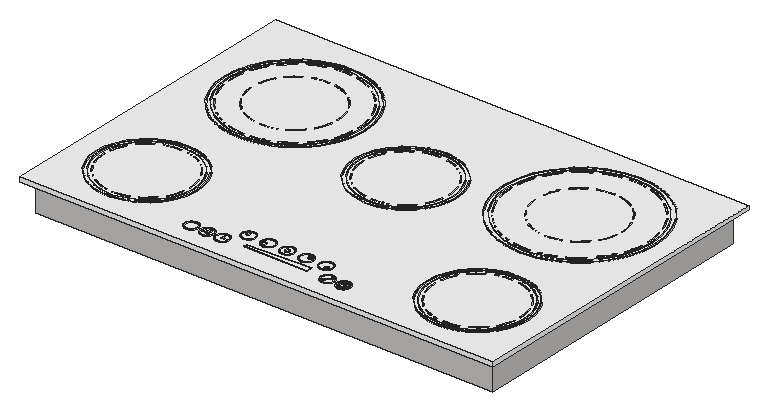
Revit family "QF_Summit_CR5B30T8W_5-Burner Radiant Cooktop", category Specialty Equipment, Revit 2020 (continued)
Lines and regions (in)
  symbolic lines
    curve 438: line (10.94325, -19.18786, 0) -> (10.94325, -18.81415, 0)
    curve 439: line (10.94325, -18.81415, 0) -> (10.81465, -18.81415, 0)
    curve 440: arc (12.19537, -19.01629, 0) -> (11.76668, -18.5876, 0) -> (11.33799, -19.01629, 0) r 0.42869
    curve 441: arc (11.33799, -19.01629, 0) -> (11.76668, -19.44498, 0) -> (12.19537, -19.01629, 0) r 0.42869
    curve 442: arc (11.36924, -19.01629, 0) -> (11.76668, -18.61885, 0) -> (12.16412, -19.01629, 0) r 0.39744
    curve 443: arc (12.16412, -19.01629, 0) -> (11.76668, -19.41373, 0) -> (11.36924, -19.01629, 0) r 0.39744
    curve 444: line (11.74911, -18.68294, 0) -> (11.71539, -19.06837, 0)
    curve 445: line (11.71539, -19.06837, 0) -> (12.09407, -19.0016, 0)
    curve 446: line (12.09407, -19.0016, 0) -> (11.78491, -18.97455, 0)
    curve 447: line (11.78491, -18.97455, 0) -> (11.74911, -18.68294, 0)
    curve 448: arc (13.03861, -18.0167, 0) -> (12.64117, -18.41414, 0) -> (12.24373, -18.0167, 0) r 0.39744
    curve 449: arc (12.24373, -18.0167, 0) -> (12.64117, -17.61926, 0) -> (13.03861, -18.0167, 0) r 0.39744
    curve 450: arc (12.21248, -18.0167, 0) -> (12.64117, -18.44539, 0) -> (13.06986, -18.0167, 0) r 0.42869
    curve 451: arc (13.06986, -18.0167, 0) -> (12.64117, -17.58801, 0) -> (12.21248, -18.0167, 0) r 0.42869
    curve 452: arc (12.34478, -17.85461, 0) -> (12.48012, -17.98995, 0) -> (12.61546, -17.85461, 0) r 0.13534
    curve 453: arc (12.61546, -17.85461, 0) -> (12.48012, -17.71928, 0) -> (12.34478, -17.85461, 0) r 0.13534
    curve 454: arc (14.30295, -18.0167, 0) -> (13.90551, -18.41414, 0) -> (13.50807, -18.0167, 0) r 0.39744
    curve 455: arc (13.50807, -18.0167, 0) -> (13.90551, -17.61926, 0) -> (14.30295, -18.0167, 0) r 0.39744
    curve 456: arc (13.47682, -18.0167, 0) -> (13.90551, -18.44539, 0) -> (14.3342, -18.0167, 0) r 0.42869
    curve 457: arc (14.3342, -18.0167, 0) -> (13.90551, -17.58801, 0) -> (13.47682, -18.0167, 0) r 0.42869
    curve 458: arc (13.87979, -18.17878, 0) -> (13.74445, -18.04344, 0) -> (13.60911, -18.17878, 0) r 0.13534
    curve 459: arc (13.60911, -18.17878, 0) -> (13.74445, -18.31411, 0) -> (13.87979, -18.17878, 0) r 0.13534
    curve 460: arc (15.55369, -18.0167, 0) -> (15.125, -17.58801, 0) -> (14.69631, -18.0167, 0) r 0.42869
    curve 461: arc (14.69631, -18.0167, 0) -> (15.125, -18.44539, 0) -> (15.55369, -18.0167, 0) r 0.42869
    curve 462: arc (14.72756, -18.0167, 0) -> (15.125, -17.61926, 0) -> (15.52244, -18.0167, 0) r 0.39744
    curve 463: arc (15.52244, -18.0167, 0) -> (15.125, -18.41414, 0) -> (14.72756, -18.0167, 0) r 0.39744
    curve 464: arc (15.26034, -18.0167, 0) -> (15.125, -17.88136, 0) -> (14.98966, -18.0167, 0) r 0.13534
    curve 465: arc (14.98966, -18.0167, 0) -> (15.125, -18.15203, 0) -> (15.26034, -18.0167, 0) r 0.13534
    curve 466: arc (16.77318, -18.0167, 0) -> (16.34449, -17.58801, 0) -> (15.9158, -18.0167, 0) r 0.42869
    curve 467: arc (15.9158, -18.0167, 0) -> (16.34449, -18.44539, 0) -> (16.77318, -18.0167, 0) r 0.42869
    curve 468: arc (15.94705, -18.0167, 0) -> (16.34449, -17.61926, 0) -> (16.74193, -18.0167, 0) r 0.39744
    curve 469: arc (16.74193, -18.0167, 0) -> (16.34449, -18.41414, 0) -> (15.94705, -18.0167, 0) r 0.39744
    curve 470: arc (16.37021, -17.85461, 0) -> (16.50555, -17.98995, 0) -> (16.64089, -17.85461, 0) r 0.13534
    curve 471: arc (16.64089, -17.85461, 0) -> (16.50555, -17.71928, 0) -> (16.37021, -17.85461, 0) r 0.13534
    curve 472: arc (18.03752, -18.0167, 0) -> (17.60883, -17.58801, 0) -> (17.18014, -18.0167, 0) r 0.42869
    curve 473: arc (17.18014, -18.0167, 0) -> (17.60883, -18.44539, 0) -> (18.03752, -18.0167, 0) r 0.42869
    curve 474: arc (17.21139, -18.0167, 0) -> (17.60883, -17.61926, 0) -> (18.00627, -18.0167, 0) r 0.39744
    curve 475: arc (18.00627, -18.0167, 0) -> (17.60883, -18.41414, 0) -> (17.21139, -18.0167, 0) r 0.39744
    curve 476: arc (17.63454, -18.17878, 0) -> (17.76988, -18.31411, 0) -> (17.90522, -18.17878, 0) r 0.13534
    curve 477: arc (17.90522, -18.17878, 0) -> (17.76988, -18.04344, 0) -> (17.63454, -18.17878, 0) r 0.13534
    curve 478: line (17.16869, -18.61535, 0) -> (13.138, -18.81753, 0)
    curve 479: line (13.138, -18.81753, 0) -> (13.138, -19.03275, 0)
    curve 480: line (13.138, -19.03275, 0) -> (17.16869, -19.03275, 0)
    curve 481: line (17.16869, -19.03275, 0) -> (17.16869, -18.61535, 0)
    curve 482: arc (18.07889, -19.01629, 0) -> (18.50758, -19.44498, 0) -> (18.93627, -19.01629, 0) r 0.42869
    curve 483: arc (18.93627, -19.01629, 0) -> (18.50758, -18.5876, 0) -> (18.07889, -19.01629, 0) r 0.42869
    curve 484: arc (18.90502, -19.01629, 0) -> (18.50758, -19.41373, 0) -> (18.11014, -19.01629, 0) r 0.39744
    curve 485: arc (18.11014, -19.01629, 0) -> (18.50758, -18.61885, 0) -> (18.90502, -19.01629, 0) r 0.39744
    curve 486: line (18.62904, -18.84959, 0) -> (18.26722, -19.21141, 0)
    curve 487: line (18.26722, -19.21141, 0) -> (18.31125, -19.25544, 0)
    curve 488: line (18.31125, -19.25544, 0) -> (18.67307, -18.89362, 0)
    curve 489: arc (18.67307, -18.89362, 0) -> (18.74811, -18.77455, 0) -> (18.62904, -18.84959, 0) r 0.07216
    curve 490: arc (19.95944, -19.01629, 0) -> (19.53075, -18.5876, 0) -> (19.10206, -19.01629, 0) r 0.42869
    curve 491: arc (19.10206, -19.01629, 0) -> (19.53075, -19.44498, 0) -> (19.95944, -19.01629, 0) r 0.42869
    curve 492: arc (19.16456, -19.01629, 0) -> (19.53075, -18.6501, 0) -> (19.89694, -19.01629, 0) r 0.36619
    curve 493: arc (19.89694, -19.01629, 0) -> (19.53075, -19.38248, 0) -> (19.16456, -19.01629, 0) r 0.36619
    curve 494: arc (19.4851, -18.7705, 0) -> (19.53075, -19.26629, 0) -> (19.5764, -18.7705, 0) r 0.25
    curve 495: line (19.5764, -18.7705, 0) -> (19.5764, -18.68315, 0)
    curve 496: line (19.5764, -18.68315, 0) -> (19.4851, -18.68315, 0)
    curve 497: line (19.4851, -18.68315, 0) -> (19.4851, -18.7705, 0)
    curve 498: arc (19.5764, -18.83444, 0) -> (19.53075, -19.20379, 0) -> (19.4851, -18.83444, 0) r 0.1875
    curve 499: line (19.4851, -18.83444, 0) -> (19.4851, -18.96067, 0)
    curve 500: line (19.4851, -18.96067, 0) -> (19.5764, -18.96067, 0)
    curve 501: line (19.5764, -18.96067, 0) -> (19.5764, -18.83444, 0)
Dimensions and locks (in)
  equal spacing: plane 3 "LEFT", plane 7 "Center Y", plane 4 "RIGHT"
  "Length": plane 3 "LEFT" to plane 4 "RIGHT"
  equal spacing: plane 5 "FRONT", plane 8 "Center X", plane 1 "BACK"
  "Depth": plane 5 "FRONT" to plane 1 "BACK"
  "Height": plane 6 "TOP" to level
  plane 10 to plane 9 = 19 1/4"
  plane 11 to plane 12 = 29 1/4"  (x2)
  plane 6 "TOP" to plane 13 = 1/4"
  plane 13 to plane 2 = 1.88"
  plane 11 to plane 3 "LEFT" = 1/2"
  plane 4 "RIGHT" to plane 12 = 1/2"
  plane 4 "RIGHT" to plane 3 "LEFT" = 30 1/4"
  locked: plane 2 to plane 14 at 1
  aligned and locked: level to plane 2
Automatic sketch dimensions
  Extrusion 3 sketch curve to Extrusion 5 = 0"  (x3)
  Extrusion 5 to Extrusion 3 sketch curve = 0"
  Extrusion 4 sketch curve to plane 10 = 0.36025"
  Extrusion 4 sketch curve to plane 12 = 14 5/8"
  Extrusion 5 sketch curve to plane 10 = 0"
  Extrusion 5 sketch curve to plane 12 = 0"
  Extrusion 5 sketch curve to plane 11 = 0"
  plane 9 to Extrusion 5 sketch curve = 0"
  Extrusion 5 sketch curve to plane 12 = 1/16"
  Extrusion 5 sketch curve to plane 11 = 1/16"
  Extrusion 5 sketch curve to plane 10 = 1/16"
  Extrusion 5 sketch curve to plane 9 = 1/16"
  Extrusion 1 sketch curve to Extrusion 1 sketch curve = 0"  (x436)
  plane 1 "BACK" to Extrusion 1 sketch curve = 0"
  Extrusion 1 sketch curve to plane 4 "RIGHT" = 0"
  Extrusion 1 sketch curve to plane 7 "Center Y" = 0"  (x2)
  Extrusion 1 sketch curve to plane 3 "LEFT" = 0"
  plane 5 "FRONT" to Extrusion 1 sketch curve = 0"
  Extrusion 1 sketch curve to plane 12 = 1.07555"
  Extrusion 1 sketch curve to Extrusion 1 sketch curve = 0.02973"
  Extrusion 1 sketch curve to Extrusion 1 sketch curve = 1/32"  (x12)
  Extrusion 1 sketch curve to Extrusion 1 sketch curve = 0.03104"
  Extrusion 1 sketch curve to Extrusion 1 sketch curve = 0.08627"
  Extrusion 1 sketch curve to Extrusion 1 sketch curve = 0.03042"
  Extrusion 1 sketch curve to plane 12 = 1.25123"
  Extrusion 1 sketch curve to Extrusion 1 sketch curve = 0.0089"  (x3)
  Extrusion 1 sketch curve to Extrusion 1 sketch curve = 0.0308"  (x6)
  Extrusion 1 sketch curve to Extrusion 1 sketch curve = 0.10949"
  Extrusion 1 sketch curve to Extrusion 1 sketch curve = 0.21075"
  Extrusion 1 sketch curve to Extrusion 1 sketch curve = 0.02942"  (x3)
  Extrusion 1 sketch curve to Extrusion 1 sketch curve = 0.02932"
  Extrusion 1 sketch curve to Extrusion 1 sketch curve = 0.1292"  (x3)
  Extrusion 1 sketch curve to Extrusion 1 sketch curve = 0.02944"  (x3)
  Extrusion 1 sketch curve to Extrusion 1 sketch curve = 0.15379"
  Extrusion 1 sketch curve to Extrusion 1 sketch curve = 0.02803"
  Extrusion 1 sketch curve to Extrusion 1 sketch curve = 0.16542"  (x3)
  Extrusion 1 sketch curve to Extrusion 1 sketch curve = 0.30898"  (x3)
  Extrusion 1 sketch curve to Extrusion 1 sketch curve = 0.02725"  (x3)
  Extrusion 1 sketch curve to Extrusion 1 sketch curve = 0.02697"  (x2)
  Extrusion 1 sketch curve to Extrusion 1 sketch curve = 0.45394"
  Extrusion 1 sketch curve to Extrusion 1 sketch curve = 0.026"
  Extrusion 1 sketch curve to Extrusion 1 sketch curve = 0.24103"  (x3)
  Extrusion 1 sketch curve to Extrusion 1 sketch curve = 0.02218"  (x5)
  Extrusion 1 sketch curve to Extrusion 1 sketch curve = 0.24757"
  Extrusion 1 sketch curve to Extrusion 1 sketch curve = 0.02406"
  plane 8 "Center X" to Extrusion 1 sketch curve = 1.36218"
  Extrusion 1 sketch curve to Extrusion 1 sketch curve = 0.56594"
  plane 8 "Center X" to Extrusion 1 sketch curve = 1.38435"
  Extrusion 1 sketch curve to Extrusion 1 sketch curve = 0.02217"
  Extrusion 1 sketch curve to Extrusion 1 sketch curve = 0.6225"  (x3)
  Extrusion 1 sketch curve to Extrusion 1 sketch curve = 0.0222"  (x9)
  plane 8 "Center X" to Extrusion 1 sketch curve = 1.02088"
  Extrusion 1 sketch curve to Extrusion 1 sketch curve = 0.32279"
  plane 8 "Center X" to Extrusion 1 sketch curve = 1 11/256"
  Extrusion 1 sketch curve to Extrusion 1 sketch curve = 0.0221"  (x2)
  Extrusion 1 sketch curve to Extrusion 1 sketch curve = 0.34188"  (x3)
  Extrusion 1 sketch curve to plane 9 = 1.44281"  (x2)
  Extrusion 1 sketch curve to Extrusion 1 sketch curve = 0.71347"
  Extrusion 1 sketch curve to Extrusion 1 sketch curve = 0.01584"  (x3)
  Extrusion 1 sketch curve to plane 9 = 1.46984"  (x2)
  Extrusion 1 sketch curve to Extrusion 1 sketch curve = 0.01567"
  Extrusion 1 sketch curve to Extrusion 1 sketch curve = 1.62676"
  Extrusion 1 sketch curve to Extrusion 1 sketch curve = 0.00558"  (x3)
  Extrusion 1 sketch curve to Extrusion 1 sketch curve = 0.03083"  (x3)
  Extrusion 1 sketch curve to plane 10 = 1.83822"
  Extrusion 1 sketch curve to Extrusion 1 sketch curve = 0.78474"
  Extrusion 1 sketch curve to Extrusion 1 sketch curve = 0.14583"  (x2)
  Extrusion 1 sketch curve to plane 10 = 1.8606"
  Extrusion 1 sketch curve to Extrusion 1 sketch curve = 0.02238"
  Extrusion 1 sketch curve to Extrusion 1 sketch curve = 0.02924"
  Extrusion 1 sketch curve to plane 9 = 1.24163"  (x2)
  Extrusion 1 sketch curve to Extrusion 1 sketch curve = 0.41133"  (x3)
  Extrusion 1 sketch curve to plane 9 = 1.27092"  (x2)
  Extrusion 1 sketch curve to Extrusion 1 sketch curve = 0.01087"  (x3)
  Extrusion 1 sketch curve to Extrusion 1 sketch curve = 0.144"  (x2)
  plane 8 "Center X" to Extrusion 1 sketch curve = 2.82916"  (x2)
  Extrusion 1 sketch curve to Extrusion 1 sketch curve = 0.30773"  (x2)
  Extrusion 1 sketch curve to Extrusion 1 sketch curve = 0.02727"  (x2)
  plane 8 "Center X" to Extrusion 1 sketch curve = 2.84492"  (x2)
  Extrusion 1 sketch curve to Extrusion 1 sketch curve = 0.02698"  (x4)
  Extrusion 1 sketch curve to Extrusion 1 sketch curve = 0.31987"
  Extrusion 1 sketch curve to Extrusion 1 sketch curve = 0.0159"
  plane 8 "Center X" to Extrusion 1 sketch curve = 0.39339"
  Extrusion 1 sketch curve to Extrusion 1 sketch curve = 0.81968"
  plane 8 "Center X" to Extrusion 1 sketch curve = 0.42049"
  Extrusion 1 sketch curve to Extrusion 1 sketch curve = 0.2392"  (x2)
  Extrusion 1 sketch curve to Extrusion 1 sketch curve = 0.89021"  (x2)
  Extrusion 1 sketch curve to Extrusion 1 sketch curve = 0.00564"  (x3)
  plane 8 "Center X" to Extrusion 1 sketch curve = 0.18426"
  Extrusion 1 sketch curve to Extrusion 1 sketch curve = 0.39751"
  plane 8 "Center X" to Extrusion 1 sketch curve = 0.21284"
  Extrusion 1 sketch curve to Extrusion 1 sketch curve = 0.01263"
  Extrusion 1 sketch curve to Extrusion 1 sketch curve = 0.6468"  (x2)
  Extrusion 1 sketch curve to Extrusion 1 sketch curve = 0.01961"  (x2)
  Extrusion 1 sketch curve to Extrusion 1 sketch curve = 0.46522"  (x2)
  Extrusion 1 sketch curve to Extrusion 1 sketch curve = 0.94381"  (x2)
  Extrusion 1 sketch curve to Extrusion 1 sketch curve = 2.36908"
  Extrusion 1 sketch curve to Extrusion 1 sketch curve = 0.31105"  (x2)
  Extrusion 1 sketch curve to Extrusion 1 sketch curve = 0.01585"  (x2)
  plane 8 "Center X" to Extrusion 1 sketch curve = 1.82823"  (x2)
  Extrusion 1 sketch curve to Extrusion 1 sketch curve = 0.7223"
  plane 8 "Center X" to Extrusion 1 sketch curve = 1.85537"  (x2)
  Extrusion 1 sketch curve to Extrusion 1 sketch curve = 0.0155"
  Extrusion 1 sketch curve to plane 10 = 1.17956"
  Extrusion 1 sketch curve to Extrusion 1 sketch curve = 0.98413"
  Extrusion 1 sketch curve to plane 10 = 1.20955"
  Extrusion 1 sketch curve to Extrusion 1 sketch curve = 0.00881"
  Extrusion 1 sketch curve to plane 9 = 1.13174"  (x2)
  Extrusion 1 sketch curve to Extrusion 1 sketch curve = 0.42951"  (x2)
  Extrusion 1 sketch curve to plane 9 = 1.10086"  (x2)
  Extrusion 1 sketch curve to Extrusion 1 sketch curve = 0.00477"  (x3)
  plane 8 "Center X" to Extrusion 1 sketch curve = 1.63167"  (x2)
  Extrusion 1 sketch curve to Extrusion 1 sketch curve = 0.40878"  (x2)
  plane 8 "Center X" to Extrusion 1 sketch curve = 1.66104"  (x2)
  Extrusion 1 sketch curve to Extrusion 1 sketch curve = 0.01068"  (x2)
  Extrusion 1 sketch curve to plane 10 = 1.07171"
  Extrusion 1 sketch curve to Extrusion 1 sketch curve = 0.44632"
  Extrusion 1 sketch curve to plane 10 = 1.10246"
  Extrusion 1 sketch curve to plane 8 "Center X" = 0.12469"
  Extrusion 1 sketch curve to Extrusion 1 sketch curve = 1.00236"
  Extrusion 1 sketch curve to plane 8 "Center X" = 0.09392"
  Extrusion 1 sketch curve to plane 8 "Center X" = 3.20475"
  Extrusion 1 sketch curve to Extrusion 1 sketch curve = 0.97809"  (x2)
  Extrusion 1 sketch curve to plane 8 "Center X" = 3.17542"
  Extrusion 1 sketch curve to Extrusion 1 sketch curve = 0.01079"  (x3)
  Extrusion 1 sketch curve to Extrusion 1 sketch curve = 0.92879"
  Extrusion 1 sketch curve to Extrusion 1 sketch curve = 0.00512"
  Extrusion 1 sketch curve to plane 8 "Center X" = 0.18034"
  Extrusion 1 sketch curve to Extrusion 1 sketch curve = 0.44241"
  Extrusion 1 sketch curve to plane 8 "Center X" = 3.41119"
  Extrusion 1 sketch curve to Extrusion 1 sketch curve = 0.43746"  (x3)
  Extrusion 1 sketch curve to Extrusion 1 sketch curve = 0.38206"  (x2)
  Extrusion 1 sketch curve to plane 8 "Center X" = 3.38422"
  Extrusion 1 sketch curve to Extrusion 1 sketch curve = 0.01578"  (x3)
  Extrusion 1 sketch curve to plane 9 = 1.48712"  (x2)
  Extrusion 1 sketch curve to Extrusion 1 sketch curve = 0.98732"  (x2)
  Extrusion 1 sketch curve to plane 9 = 1.46029"  (x2)
  Extrusion 1 sketch curve to Extrusion 1 sketch curve = 0.94818"  (x2)
  Extrusion 1 sketch curve to plane 10 = 1.04045"
  Extrusion 1 sketch curve to plane 10 = 1.00926"
  Extrusion 1 sketch curve to plane 9 = 1.72411"
  Extrusion 1 sketch curve to Extrusion 1 sketch curve = 0.33695"  (x3)
  Extrusion 1 sketch curve to plane 9 = 1.70191"
  plane 8 "Center X" to Extrusion 1 sketch curve = 1.53785"  (x2)
  Extrusion 1 sketch curve to Extrusion 1 sketch curve = 0.44804"  (x2)
  plane 8 "Center X" to Extrusion 1 sketch curve = 1.50707"  (x2)
  Extrusion 1 sketch curve to Extrusion 1 sketch curve = 0.00537"  (x2)
  Extrusion 1 sketch curve to plane 8 "Center X" = 4.02727"
  Extrusion 1 sketch curve to plane 8 "Center X" = 4.00731"
  Extrusion 1 sketch curve to plane 10 = 1.09417"
  Extrusion 1 sketch curve to Extrusion 1 sketch curve = 0.4638"
  Extrusion 1 sketch curve to plane 10 = 1.06337"
  Extrusion 1 sketch curve to Extrusion 1 sketch curve = 0.00525"
  Extrusion 1 sketch curve to plane 8 "Center X" = 0.09403"
  Extrusion 1 sketch curve to Extrusion 1 sketch curve = 1.07961"
  Extrusion 1 sketch curve to plane 8 "Center X" = 0.1248"
  Extrusion 1 sketch curve to Extrusion 1 sketch curve = 0.25346"  (x3)
  Extrusion 1 sketch curve to Extrusion 1 sketch curve = 0.02693"  (x3)
  Extrusion 1 sketch curve to plane 9 = 2.50315"
  Extrusion 1 sketch curve to plane 10 = 2.86158"
  Extrusion 1 sketch curve to Extrusion 1 sketch curve = 1.01341"  (x2)
  Extrusion 1 sketch curve to plane 10 = 2.8323"
  Extrusion 1 sketch curve to Extrusion 1 sketch curve = 0.01092"  (x2)
  Extrusion 1 sketch curve to plane 9 = 2.48788"
  Extrusion 1 sketch curve to plane 9 = 2.90103"
  Extrusion 1 sketch curve to Extrusion 1 sketch curve = 0.18281"  (x3)
  Extrusion 1 sketch curve to plane 9 = 2.89029"
  Extrusion 1 sketch curve to Extrusion 1 sketch curve = 0.02935"  (x3)
  plane 8 "Center X" to Extrusion 1 sketch curve = 0.00709"
  Extrusion 1 sketch curve to Extrusion 1 sketch curve = 0.43933"
  Extrusion 1 sketch curve to plane 8 "Center X" = 0.02297"
  Extrusion 1 sketch curve to Extrusion 1 sketch curve = 0.00857"
  Extrusion 1 sketch curve to plane 9 = 4.30796"
  Extrusion 1 sketch curve to Extrusion 1 sketch curve = 0.3401"  (x3)
  Extrusion 1 sketch curve to plane 9 = 4.31324"
  Extrusion 1 sketch curve to Extrusion 1 sketch curve = 0.03919"  (x3)
  Extrusion 1 sketch curve to plane 10 = 3.04902"
  Extrusion 1 sketch curve to Extrusion 1 sketch curve = 0.39984"  (x2)
  Extrusion 1 sketch curve to plane 10 = 3.02189"
  Extrusion 1 sketch curve to Extrusion 1 sketch curve = 0.01552"  (x2)
  plane 8 "Center X" to Extrusion 1 sketch curve = 1.87772"  (x2)
  plane 8 "Center X" to Extrusion 1 sketch curve = 1.85084"  (x2)
  plane 8 "Center X" to Extrusion 1 sketch curve = 2.12419"
  Extrusion 1 sketch curve to Extrusion 1 sketch curve = 0.34962"  (x2)
  Extrusion 1 sketch curve to plane 10 = 1.39759"
  plane 8 "Center X" to Extrusion 1 sketch curve = 2.10015"
  Extrusion 1 sketch curve to Extrusion 1 sketch curve = 0.01996"  (x2)
  Extrusion 1 sketch curve to plane 10 = 1.36895"
  Extrusion 1 sketch curve to plane 10 = 3.67913"
  Extrusion 1 sketch curve to plane 10 = 3.65924"
  plane 8 "Center X" to Extrusion 1 sketch curve = 53/128"
  plane 8 "Center X" to Extrusion 1 sketch curve = 0.38691"
  Extrusion 1 sketch curve to plane 10 = 1.61686"
  Extrusion 1 sketch curve to Extrusion 1 sketch curve = 0.43463"
  Extrusion 1 sketch curve to plane 10 = 1.58978"
  Extrusion 1 sketch curve to Extrusion 1 sketch curve = 1/64"
  Extrusion 1 sketch curve to Extrusion 1 sketch curve = 0.2443"  (x2)
  Extrusion 1 sketch curve to Extrusion 1 sketch curve = 0.02692"  (x2)
  plane 8 "Center X" to Extrusion 1 sketch curve = 2.88316"
  plane 8 "Center X" to Extrusion 1 sketch curve = 2.86784"
  plane 8 "Center X" to Extrusion 1 sketch curve = 0.66354"
  Extrusion 1 sketch curve to Extrusion 1 sketch curve = 0.38837"
  Extrusion 1 sketch curve to Extrusion 1 sketch curve = 0.18999"  (x2)
  plane 8 "Center X" to Extrusion 1 sketch curve = 0.63817"
  Extrusion 1 sketch curve to Extrusion 1 sketch curve = 0.01825"
  plane 8 "Center X" to Extrusion 1 sketch curve = 4.70503"
  Extrusion 1 sketch curve to Extrusion 1 sketch curve = 0.3326"  (x2)
  plane 8 "Center X" to Extrusion 1 sketch curve = 4.71065"
  Extrusion 1 sketch curve to Extrusion 1 sketch curve = 0.03074"  (x5)
  Extrusion 1 sketch curve to Extrusion 1 sketch curve = 0.03902"  (x2)
  Extrusion 1 sketch curve to Extrusion 1 sketch curve = 0.03131"  (x3)
  Extrusion 1 sketch curve to plane 10 = 2.23507"
  Extrusion 1 sketch curve to plane 10 = 2.21296"
  Extrusion 1 sketch curve to plane 10 = 2.5831"
  Extrusion 1 sketch curve to Extrusion 1 sketch curve = 0.3285"
  plane 8 "Center X" to Extrusion 1 sketch curve = 1.39617"
  Extrusion 1 sketch curve to plane 10 = 2.56292"
  Extrusion 1 sketch curve to Extrusion 1 sketch curve = 0.02386"
  plane 8 "Center X" to Extrusion 1 sketch curve = 1.37399"
  plane 8 "Center X" to Extrusion 1 sketch curve = 1.77061"
  Extrusion 1 sketch curve to Extrusion 1 sketch curve = 0.28259"
  plane 8 "Center X" to Extrusion 1 sketch curve = 1.75315"
  Extrusion 1 sketch curve to Extrusion 1 sketch curve = 0.02592"
  Extrusion 1 sketch curve to plane 10 = 3.46689"
  Extrusion 1 sketch curve to plane 10 = 3.45302"
  Extrusion 1 sketch curve to Extrusion 1 sketch curve = 0.17561"
  plane 8 "Center X" to Extrusion 1 sketch curve = 2.73176"
  Extrusion 1 sketch curve to Extrusion 1 sketch curve = 0.02926"
  plane 8 "Center X" to Extrusion 1 sketch curve = 2.72116"
  Extrusion 1 sketch curve to Extrusion 1 sketch curve = 0.13097"
  Extrusion 1 sketch curve to Extrusion 1 sketch curve = 0.03033"
  Extrusion 1 sketch curve to Extrusion 1 sketch curve = 0.25109"
  Extrusion 1 sketch curve to Extrusion 1 sketch curve = 0.02761"
  Extrusion 1 sketch curve to Extrusion 1 sketch curve = 0.03105"
  Extrusion 1 sketch curve to plane 9 = 1.19185"
  Extrusion 1 sketch curve to Extrusion 1 sketch curve = 3.53945"
  Extrusion 1 sketch curve to Extrusion 1 sketch curve = 0.04565"  (x2)
  Extrusion 1 sketch curve to Extrusion 1 sketch curve = 0.0913"
  Extrusion 1 sketch curve to Extrusion 1 sketch curve = 0.78802"
  Extrusion 1 sketch curve to plane 9 = 0.98138"
  Extrusion 1 sketch curve to Extrusion 1 sketch curve = 0.02402"
  Extrusion 1 sketch curve to plane 9 = 1.02541"
  Extrusion 1 sketch curve to Extrusion 1 sketch curve = 0.04403"
  Extrusion 1 sketch curve to Extrusion 1 sketch curve = 0.16549"
  Extrusion 1 sketch curve to plane 9 = 0.61956"
  Extrusion 1 sketch curve to Extrusion 1 sketch curve = 0.19633"
  Extrusion 1 sketch curve to Extrusion 1 sketch curve = 2.21867"
  plane 8 "Center X" to Extrusion 1 sketch curve = 1.24555"
  plane 8 "Center X" to Extrusion 1 sketch curve = 1.25085"
  Extrusion 1 sketch curve to Extrusion 1 sketch curve = 0.85916"
  Extrusion 1 sketch curve to Extrusion 1 sketch curve = 0.16105"  (x4)
  plane 8 "Center X" to Extrusion 1 sketch curve = 0.31449"
  plane 8 "Center X" to Extrusion 1 sketch curve = 0.33027"
  Extrusion 1 sketch curve to plane 8 "Center X" = 0.06624"
  Extrusion 1 sketch curve to plane 8 "Center X" = 0.04406"
  Extrusion 1 sketch curve to Extrusion 1 sketch curve = 0.60119"
  Extrusion 1 sketch curve to plane 8 "Center X" = 0.68519"
  Extrusion 1 sketch curve to Extrusion 1 sketch curve = 0.66314"
  Extrusion 1 sketch curve to plane 8 "Center X" = 0.65815"
  plane 7 "Center Y" to Extrusion 1 sketch curve = 0.5008"
  plane 7 "Center Y" to Extrusion 1 sketch curve = 0.02994"
  plane 7 "Center Y" to Extrusion 1 sketch curve = 0.01071"
  Extrusion 1 sketch curve to plane 7 "Center Y" = 0.41879"
  Extrusion 1 sketch curve to plane 7 "Center Y" = 0.94814"
  Extrusion 1 sketch curve to Extrusion 1 sketch curve = 1.21949"
  Extrusion 1 sketch curve to plane 8 "Center X" = 0.64087"
  Extrusion 1 sketch curve to plane 8 "Center X" = 0.6677"
  Extrusion 1 sketch curve to Extrusion 1 sketch curve = 0.01601"
  Extrusion 1 sketch curve to plane 8 "Center X" = 0.40388"
  Extrusion 1 sketch curve to plane 8 "Center X" = 0.42608"
  Extrusion 1 sketch curve to Extrusion 1 sketch curve = 0.60645"
  Extrusion 1 sketch curve to Extrusion 1 sketch curve = 0.72622"  (x2)
  Extrusion 1 sketch curve to Extrusion 1 sketch curve = 0.02404"  (x2)
  plane 8 "Center X" to Extrusion 1 sketch curve = 0.37516"
  plane 8 "Center X" to Extrusion 1 sketch curve = 0.35989"
  Extrusion 1 sketch curve to Extrusion 1 sketch curve = 0.49683"
  plane 8 "Center X" to Extrusion 1 sketch curve = 0.77304"
  plane 8 "Center X" to Extrusion 1 sketch curve = 0.7623"
  Extrusion 1 sketch curve to plane 9 = 0.8734"
  Extrusion 1 sketch curve to Extrusion 1 sketch curve = 1.04393"
  Extrusion 1 sketch curve to plane 9 = 0.90045"
  Extrusion 1 sketch curve to Extrusion 1 sketch curve = 0.30916"
  Extrusion 1 sketch curve to Extrusion 1 sketch curve = 0.01824"
  Extrusion 1 sketch curve to plane 9 = 1.19206"
  Extrusion 1 sketch curve to Extrusion 1 sketch curve = 0.0358"
  Extrusion 1 sketch curve to plane 9 = 0.80663"
  Extrusion 1 sketch curve to Extrusion 1 sketch curve = 0.05129"
  Extrusion 1 sketch curve to Extrusion 1 sketch curve = 0.77213"
  Extrusion 1 sketch curve to Extrusion 1 sketch curve = 0.12861"
  Extrusion 1 sketch curve to plane 9 = 0.87399"
  Extrusion 1 sketch curve to Extrusion 1 sketch curve = 0.02614"
  Extrusion 1 sketch curve to Extrusion 1 sketch curve = 0.01602"
  Extrusion 1 sketch curve to plane 9 = 0.73531"
  Extrusion 1 sketch curve to Extrusion 1 sketch curve = 0.23417"
  Extrusion 1 sketch curve to Extrusion 1 sketch curve = 2.65707"
  Extrusion 1 sketch curve to Extrusion 1 sketch curve = 0.02523"
  Extrusion 1 sketch curve to Extrusion 1 sketch curve = 0.03106"
  Extrusion 1 sketch curve to plane 10 = 4.40116"
  Extrusion 1 sketch curve to Extrusion 1 sketch curve = 0.09582"
  Extrusion 1 sketch curve to plane 10 = 4.40891"
  Extrusion 1 sketch curve to Extrusion 1 sketch curve = 0.11191"
  plane 8 "Center X" to Extrusion 1 sketch curve = 2.74713"
  Extrusion 1 sketch curve to Extrusion 1 sketch curve = 0.21885"
  Extrusion 1 sketch curve to Extrusion 1 sketch curve = 0.02918"
  Extrusion 1 sketch curve to Extrusion 1 sketch curve = 0.76583"
  plane 8 "Center X" to Extrusion 1 sketch curve = 2.75844"
  Extrusion 1 sketch curve to Extrusion 1 sketch curve = 0.02913"
  Extrusion 1 sketch curve to Extrusion 1 sketch curve = 0.17154"
  Extrusion 1 sketch curve to Extrusion 1 sketch curve = 0.02759"
  Extrusion 1 sketch curve to plane 10 = 3.04281"
  Extrusion 1 sketch curve to Extrusion 1 sketch curve = 0.46243"
  Extrusion 1 sketch curve to plane 10 = 3.06102"
  Extrusion 1 sketch curve to Extrusion 1 sketch curve = 0.02539"
  Extrusion 1 sketch curve to Extrusion 1 sketch curve = 0.27174"
  plane 8 "Center X" to Extrusion 1 sketch curve = 1.47887"
  Extrusion 1 sketch curve to Extrusion 1 sketch curve = 0.55838"
  Extrusion 1 sketch curve to Extrusion 1 sketch curve = 0.02212"  (x2)
  plane 8 "Center X" to Extrusion 1 sketch curve = 1.50099"
  Extrusion 1 sketch curve to Extrusion 1 sketch curve = 1.27803"
  plane 8 "Center X" to Extrusion 1 sketch curve = 1.15349"
  Extrusion 1 sketch curve to Extrusion 1 sketch curve = 0.33332"
  plane 8 "Center X" to Extrusion 1 sketch curve = 1.17565"
  Extrusion 1 sketch curve to Extrusion 1 sketch curve = 0.02215"
  Extrusion 1 sketch curve to plane 10 = 4.43798"
  Extrusion 1 sketch curve to plane 10 = 4.44901"
  Extrusion 1 sketch curve to plane 10 = 2.04153"
  Extrusion 1 sketch curve to Extrusion 1 sketch curve = 0.71226"
  Extrusion 1 sketch curve to plane 10 = 2.06745"
  Extrusion 1 sketch curve to Extrusion 1 sketch curve = 0.01745"
  plane 8 "Center X" to Extrusion 1 sketch curve = 2.45063"
  plane 8 "Center X" to Extrusion 1 sketch curve = 2.47282"
  Extrusion 1 sketch curve to plane 10 = 1.80136"
  Extrusion 1 sketch curve to Extrusion 1 sketch curve = 0.38833"
  Extrusion 1 sketch curve to plane 10 = 1.82914"
  Extrusion 1 sketch curve to Extrusion 1 sketch curve = 0.01433"
  plane 8 "Center X" to Extrusion 1 sketch curve = 0.58609"
  plane 8 "Center X" to Extrusion 1 sketch curve = 0.61404"
  Extrusion 1 sketch curve to plane 10 = 3.26764"
  Extrusion 1 sketch curve to plane 10 = 3.29198"
  plane 8 "Center X" to Extrusion 1 sketch curve = 0.41847"
  Extrusion 1 sketch curve to Extrusion 1 sketch curve = 0.36906"
  plane 8 "Center X" to Extrusion 1 sketch curve = 0.44771"
  Extrusion 1 sketch curve to Extrusion 1 sketch curve = 0.01104"
  Extrusion 1 sketch curve to plane 10 = 3.03891"
  Extrusion 1 sketch curve to plane 10 = 3.06584"
  Extrusion 1 sketch curve to Extrusion 1 sketch curve = 2.4693"
  Extrusion 1 sketch curve to plane 9 = 3.37354"
  Extrusion 1 sketch curve to plane 9 = 4.77472"
  Extrusion 1 sketch curve to plane 9 = 4.76425"
  Extrusion 1 sketch curve to plane 9 = 2.44248"
  Extrusion 1 sketch curve to plane 9 = 2.45826"
  Extrusion 1 sketch curve to plane 10 = 1.4415"
  Extrusion 1 sketch curve to plane 10 = 1.47204"
  Extrusion 1 sketch curve to plane 9 = 2.06175"
  Extrusion 1 sketch curve to plane 9 = 2.08393"
  Extrusion 1 sketch curve to plane 10 = 2.69597"
  Extrusion 1 sketch curve to plane 10 = 2.7268"
  Extrusion 1 sketch curve to plane 10 = 1.37384"
  Extrusion 1 sketch curve to Extrusion 1 sketch curve = 0.40915"
  Extrusion 1 sketch curve to plane 10 = 1.4049"
  Extrusion 1 sketch curve to Extrusion 1 sketch curve = 0.00341"
  plane 8 "Center X" to Extrusion 1 sketch curve = 0.17417"
  plane 8 "Center X" to Extrusion 1 sketch curve = 0.20528"
  plane 8 "Center X" to Extrusion 1 sketch curve = 0.15716"
  Extrusion 1 sketch curve to Extrusion 1 sketch curve = 0.41987"
  Extrusion 1 sketch curve to plane 10 = 1.42726"
  Extrusion 1 sketch curve to plane 10 = 1.39637"
  Extrusion 1 sketch curve to plane 10 = 1.52886"
  Extrusion 1 sketch curve to Extrusion 1 sketch curve = 0.47212"
  Extrusion 1 sketch curve to plane 10 = 1.49876"
  Extrusion 1 sketch curve to Extrusion 1 sketch curve = 0.00839"
  plane 8 "Center X" to Extrusion 1 sketch curve = 0.34372"
  Extrusion 1 sketch curve to Extrusion 1 sketch curve = 1.06027"
  plane 8 "Center X" to Extrusion 1 sketch curve = 0.31367"
  plane 8 "Center X" to Extrusion 1 sketch curve = 0.48073"
  Extrusion 1 sketch curve to Extrusion 1 sketch curve = 0.39847"
  plane 8 "Center X" to Extrusion 1 sketch curve = 0.45175"
  Extrusion 1 sketch curve to Extrusion 1 sketch curve = 0.01169"
  Extrusion 1 sketch curve to plane 10 = 1.91189"
  Extrusion 1 sketch curve to plane 10 = 1.88476"
  Extrusion 1 sketch curve to Extrusion 1 sketch curve = 0.74742"
  Extrusion 1 sketch curve to Extrusion 1 sketch curve = 0.02411"
  Extrusion 1 sketch curve to Extrusion 1 sketch curve = 0.63308"
  Extrusion 1 sketch curve to Extrusion 1 sketch curve = 0.39692"
  Extrusion 1 sketch curve to Extrusion 1 sketch curve = 0.02724"
  Extrusion 1 sketch curve to Extrusion 1 sketch curve = 0.01859"
  plane 8 "Center X" to Extrusion 1 sketch curve = 0.99268"
  plane 8 "Center X" to Extrusion 1 sketch curve = 0.96768"
  plane 8 "Center X" to Extrusion 1 sketch curve = 1.29966"
  Extrusion 1 sketch curve to Extrusion 1 sketch curve = 0.36291"
  plane 8 "Center X" to Extrusion 1 sketch curve = 1.27756"
  Extrusion 1 sketch curve to Extrusion 1 sketch curve = 0.75024"
  Extrusion 1 sketch curve to Extrusion 1 sketch curve = 0.02441"
  Extrusion 1 sketch curve to Extrusion 1 sketch curve = 0.2558"
  Extrusion 1 sketch curve to Extrusion 1 sketch curve = 0.64884"
  Extrusion 1 sketch curve to Extrusion 1 sketch curve = 0.02639"
  Extrusion 1 sketch curve to Extrusion 1 sketch curve = 0.02659"
  Extrusion 1 sketch curve to Extrusion 1 sketch curve = 0.21868"
  Extrusion 1 sketch curve to Extrusion 1 sketch curve = 0.02828"
  Extrusion 1 sketch curve to Extrusion 1 sketch curve = 0.4318"
  Extrusion 1 sketch curve to Extrusion 1 sketch curve = 0.02974"
  Extrusion 1 sketch curve to Extrusion 1 sketch curve = 0.65171"
  Extrusion 1 sketch curve to Extrusion 1 sketch curve = 0.02726"
  Extrusion 1 sketch curve to Extrusion 1 sketch curve = 0.11408"
  Extrusion 1 sketch curve to Extrusion 1 sketch curve = 0.31254"
  Extrusion 1 sketch curve to Extrusion 1 sketch curve = 0.03063"
  Extrusion 1 sketch curve to Extrusion 1 sketch curve = 0.03071"
  Extrusion 1 sketch curve to Extrusion 1 sketch curve = 0.06155"
  Extrusion 1 sketch curve to Extrusion 1 sketch curve = 0.2339"
  Extrusion 1 sketch curve to Extrusion 1 sketch curve = 0.02512"
  Extrusion 1 sketch curve to Extrusion 1 sketch curve = 0.06722"
  Extrusion 1 sketch curve to Extrusion 1 sketch curve = 0.00514"
  Extrusion 1 sketch curve to Extrusion 1 sketch curve = 0.34736"
  Extrusion 1 sketch curve to Extrusion 1 sketch curve = 0.01734"
  Extrusion 1 sketch curve to Extrusion 1 sketch curve = 0.16032"
  Extrusion 1 sketch curve to Extrusion 1 sketch curve = 0.02712"
  Extrusion 1 sketch curve to Extrusion 1 sketch curve = 0.3418"
  Extrusion 1 sketch curve to Extrusion 1 sketch curve = 0.01673"
  Extrusion 1 sketch curve to Extrusion 1 sketch curve = 0.2018"
  Extrusion 1 sketch curve to Extrusion 1 sketch curve = 0.02433"
  Extrusion 1 sketch curve to Extrusion 1 sketch curve = 0.39385"
  Extrusion 1 sketch curve to Extrusion 1 sketch curve = 0.01098"
  Extrusion 1 sketch curve to Extrusion 1 sketch curve = 0.33276"
  Extrusion 1 sketch curve to Extrusion 1 sketch curve = 0.01587"
  Extrusion 1 sketch curve to Extrusion 1 sketch curve = 0.4627"
  Extrusion 1 sketch curve to Extrusion 1 sketch curve = 0.43003"
  Extrusion 1 sketch curve to Extrusion 1 sketch curve = 2.77589"  (x2)
  Extrusion 1 sketch curve to Extrusion 1 sketch curve = 0.01413"  (x3)
  Extrusion 1 sketch curve to Extrusion 1 sketch curve = 0.46305"
  Extrusion 1 sketch curve to Extrusion 1 sketch curve = 0.17947"  (x2)
  Extrusion 1 sketch curve to Extrusion 1 sketch curve = 0.65841"  (x2)
  Extrusion 1 sketch curve to Extrusion 1 sketch curve = 0.2284"  (x3)
  Extrusion 1 sketch curve to Extrusion 1 sketch curve = 0.49233"
  Extrusion 1 sketch curve to Extrusion 1 sketch curve = 0.00363"
  Extrusion 1 sketch curve to Extrusion 1 sketch curve = 0.49064"
  Extrusion 1 sketch curve to Extrusion 1 sketch curve = 0.00579"
  Extrusion 1 sketch curve to Extrusion 1 sketch curve = 0.34485"  (x2)
  Extrusion 1 sketch curve to Extrusion 1 sketch curve = 0.01586"  (x2)
  Extrusion 1 sketch curve to Extrusion 1 sketch curve = 0.41626"
  Extrusion 1 sketch curve to Extrusion 1 sketch curve = 0.01532"
  Extrusion 1 sketch curve to Extrusion 1 sketch curve = 0.41338"  (x2)
  Extrusion 1 sketch curve to Extrusion 1 sketch curve = 0.19892"
  Extrusion 1 sketch curve to Extrusion 1 sketch curve = 0.0293"
  Extrusion 1 sketch curve to Extrusion 1 sketch curve = 0.42791"
  Extrusion 1 sketch curve to Extrusion 1 sketch curve = 0.44536"
  Extrusion 1 sketch curve to Extrusion 1 sketch curve = 0.0053"
  Extrusion 1 sketch curve to Extrusion 1 sketch curve = 0.39788"
  Extrusion 1 sketch curve to Extrusion 1 sketch curve = 0.01527"
  Extrusion 1 sketch curve to plane 9 = 2.02039"
  Extrusion 1 sketch curve to Extrusion 1 sketch curve = 0.82833"
  Extrusion 1 sketch curve to Extrusion 1 sketch curve = 0.16208"  (x5)
  Extrusion 1 sketch curve to Extrusion 1 sketch curve = 0.43657"
  Extrusion 1 sketch curve to Extrusion 1 sketch curve = 0.08734"
  Extrusion 1 sketch curve to Extrusion 1 sketch curve = 0.18686"
  Extrusion 1 sketch curve to Extrusion 1 sketch curve = 0.63875"
  Extrusion 1 sketch curve to Extrusion 1 sketch curve = 0.06394"
  Extrusion 1 sketch curve to Extrusion 1 sketch curve = 71/256"
  Extrusion 1 sketch curve to Extrusion 1 sketch curve = 0.12624"
  Extrusion 1 sketch curve to Extrusion 1 sketch curve = 0.01529"
  Extrusion 1 sketch curve to Extrusion 1 sketch curve = 0.04174"
  Extrusion 1 sketch curve to Extrusion 1 sketch curve = 0.05562"
  Extrusion 1 sketch curve to Extrusion 1 sketch curve = 0.12268"
  Extrusion 1 sketch curve to Extrusion 1 sketch curve = 0.12339"
  Extrusion 1 sketch curve to Extrusion 1 sketch curve = 0.4174"
  Extrusion 1 sketch curve to Extrusion 1 sketch curve = 0.17157"
  Extrusion 6 sketch curve to plane 7 "Center Y" = 2.48383"
  Extrusion 6 sketch curve to plane 9 = 1.8583"
  Extrusion 6 sketch curve to Extrusion 6 sketch curve = 0.42869"  (x8)
  Extrusion 6 sketch curve to Extrusion 6 sketch curve = 0"  (x32)
  Extrusion 6 sketch curve to Extrusion 6 sketch curve = 1/32"  (x8)
  Extrusion 6 sketch curve to Extrusion 6 sketch curve = 0.16105"  (x3)
  Extrusion 6 sketch curve to Extrusion 6 sketch curve = 0.16208"  (x5)
  Extrusion 6 sketch curve to Extrusion 6 sketch curve = 0.13534"  (x4)
  Extrusion 6 sketch curve to Extrusion 6 sketch curve = 0.67459"
  Extrusion 6 sketch curve to Extrusion 6 sketch curve = 0.02572"
  Extrusion 6 sketch curve to Extrusion 6 sketch curve = 0.39744"
  Extrusion 6 sketch curve to plane 7 "Center Y" = 0"
  plane 7 "Center Y" to Extrusion 6 sketch curve = 0.42869"
  plane 7 "Center Y" to Extrusion 6 sketch curve = 0.13534"
  Extrusion 6 sketch curve to Extrusion 6 sketch curve = 0.7908"
  Extrusion 6 sketch curve to Extrusion 6 sketch curve = 0.83564"
  Extrusion 6 sketch curve to plane 9 = 0.85871"  (x2)
  Extrusion 6 sketch curve to Extrusion 6 sketch curve = 2.43999"
  Extrusion 6 sketch curve to Extrusion 6 sketch curve = 1/16"  (x2)
  Extrusion 6 sketch curve to Extrusion 6 sketch curve = 0.57131"
  Extrusion 6 sketch curve to plane 9 = 0.87399"
  Extrusion 6 sketch curve to Extrusion 6 sketch curve = 0.01602"
  Extrusion 6 sketch curve to Extrusion 6 sketch curve = 0.16327"
  Extrusion 6 sketch curve to Extrusion 6 sketch curve = 0.15397"
  Extrusion 6 sketch curve to Extrusion 6 sketch curve = 0.12339"
  Extrusion 6 sketch curve to Extrusion 6 sketch curve = 0.17076"
  Extrusion 6 sketch curve to Extrusion 6 sketch curve = 0.12861"
  Extrusion 6 sketch curve to Extrusion 6 sketch curve = 0.18686"
  Extrusion 6 sketch curve to Extrusion 6 sketch curve = 0.17157"
  Extrusion 6 sketch curve to Extrusion 6 sketch curve = 0.56549"
  Extrusion 6 sketch curve to plane 9 = 0.8734"
  Extrusion 6 sketch curve to Extrusion 6 sketch curve = 0.07005"
  Extrusion 6 sketch curve to plane 9 = 0.90045"
  Extrusion 6 sketch curve to Extrusion 6 sketch curve = 0.01824"
  Extrusion 6 sketch curve to plane 9 = 1.19206"
  Extrusion 6 sketch curve to Extrusion 6 sketch curve = 0.0358"
  Extrusion 6 sketch curve to plane 9 = 0.80663"
  Extrusion 6 sketch curve to Extrusion 6 sketch curve = 0.05129"
  Extrusion 6 sketch curve to Extrusion 6 sketch curve = 0.01145"
  Extrusion 6 sketch curve to Extrusion 6 sketch curve = 0.47111"
  Extrusion 6 sketch curve to Extrusion 6 sketch curve = 0.59865"
  Extrusion 6 sketch curve to Extrusion 6 sketch curve = 0.63875"
  Extrusion 6 sketch curve to Extrusion 6 sketch curve = 0.4174"
  Extrusion 6 sketch curve to Extrusion 6 sketch curve = 0.60236"
  Extrusion 6 sketch curve to Extrusion 6 sketch curve = 0.18951"
  Extrusion 6 sketch curve to plane 9 = 0.98138"
  Extrusion 6 sketch curve to Extrusion 6 sketch curve = 0.02402"
  Extrusion 6 sketch curve to plane 9 = 1.02541"
  Extrusion 6 sketch curve to Extrusion 6 sketch curve = 0.04403"
  Extrusion 6 sketch curve to plane 9 = 0.61956"
  Extrusion 6 sketch curve to Extrusion 6 sketch curve = 0.19633"
  Extrusion 6 sketch curve to Extrusion 6 sketch curve = 0.59448"
  Extrusion 6 sketch curve to Extrusion 6 sketch curve = 0.04565"  (x3)
  Extrusion 6 sketch curve to Extrusion 6 sketch curve = 0.0913"
  Extrusion 6 sketch curve to Extrusion 6 sketch curve = 0.33314"
  Extrusion 6 sketch curve to Extrusion 6 sketch curve = 0.08734"
  Extrusion 6 sketch curve to Extrusion 6 sketch curve = 0.06394"
  Extrusion 6 sketch curve to Extrusion 6 sketch curve = 0.05562"
  Extrusion 2 sketch curve to plane 11 = 5.51644"
  plane 8 "Center X" to Extrusion 2 sketch curve = 4.21615"  (x2)
  Extrusion 2 sketch curve to Extrusion 2 sketch curve = 4 1/2"
  Extrusion 2 sketch curve to Extrusion 2 sketch curve = 0"  (x407)
  Extrusion 2 sketch curve to Extrusion 2 sketch curve = 1/16"  (x5)
  Extrusion 2 sketch curve to Extrusion 2 sketch curve = 3/16"
  Extrusion 2 sketch curve to Extrusion 2 sketch curve = 1/32"  (x18)
  Extrusion 2 sketch curve to Extrusion 2 sketch curve = 0.27084"
  Extrusion 2 sketch curve to Extrusion 2 sketch curve = 0.03063"
  Extrusion 2 sketch curve to Extrusion 2 sketch curve = 0.19881"
  Extrusion 2 sketch curve to Extrusion 2 sketch curve = 0.03131"  (x3)
  Extrusion 2 sketch curve to Extrusion 2 sketch curve = 0.7994"
  Extrusion 2 sketch curve to Extrusion 2 sketch curve = 0.54588"
  Extrusion 2 sketch curve to Extrusion 2 sketch curve = 0.02639"
  Extrusion 2 sketch curve to Extrusion 2 sketch curve = 0.11408"
  Extrusion 2 sketch curve to Extrusion 2 sketch curve = 0.02974"
  Extrusion 2 sketch curve to Extrusion 2 sketch curve = 0.43623"
  Extrusion 2 sketch curve to Extrusion 2 sketch curve = 0.00959"
  Extrusion 2 sketch curve to Extrusion 2 sketch curve = 1.00604"
  Extrusion 2 sketch curve to Extrusion 2 sketch curve = 0.01859"
  Extrusion 2 sketch curve to Extrusion 2 sketch curve = 0.2558"
  Extrusion 2 sketch curve to Extrusion 2 sketch curve = 0.02441"
  Extrusion 2 sketch curve to Extrusion 2 sketch curve = 0.35853"
  Extrusion 2 sketch curve to Extrusion 2 sketch curve = 5/256"
  Extrusion 2 sketch curve to plane 10 = 1.52886"
  Extrusion 2 sketch curve to Extrusion 2 sketch curve = 1.31398"
  Extrusion 2 sketch curve to plane 10 = 1.49876"
  Extrusion 2 sketch curve to Extrusion 2 sketch curve = 0.00839"
  Extrusion 2 sketch curve to plane 10 = 1.91189"
  Extrusion 2 sketch curve to plane 10 = 1.88476"
  Extrusion 2 sketch curve to plane 10 = 1.37384"
  Extrusion 2 sketch curve to Extrusion 2 sketch curve = 1.52526"
  Extrusion 2 sketch curve to plane 10 = 1.4049"
  Extrusion 2 sketch curve to Extrusion 2 sketch curve = 0.00341"
  Extrusion 2 sketch curve to plane 10 = 1.42726"
  Extrusion 2 sketch curve to plane 10 = 1.39637"
  Extrusion 2 sketch curve to plane 10 = 1.80136"
  Extrusion 2 sketch curve to Extrusion 2 sketch curve = 1.4213"
  Extrusion 2 sketch curve to plane 10 = 1.82914"
  Extrusion 2 sketch curve to Extrusion 2 sketch curve = 0.01433"
  Extrusion 2 sketch curve to plane 10 = 1.4415"
  Extrusion 2 sketch curve to plane 10 = 1.47204"
  Extrusion 2 sketch curve to plane 10 = 2.67572"
  Extrusion 2 sketch curve to Extrusion 2 sketch curve = 1.15449"
  Extrusion 2 sketch curve to plane 10 = 2.69784"
  Extrusion 2 sketch curve to Extrusion 2 sketch curve = 0.02212"
  Extrusion 2 sketch curve to plane 10 = 2.04153"
  Extrusion 2 sketch curve to plane 10 = 2.06745"
  Extrusion 2 sketch curve to Extrusion 2 sketch curve = 0.81086"
  Extrusion 2 sketch curve to Extrusion 2 sketch curve = 0.02918"
  Extrusion 2 sketch curve to plane 10 = 3.04281"
  Extrusion 2 sketch curve to Extrusion 2 sketch curve = 0.31925"
  Extrusion 2 sketch curve to plane 10 = 3.06102"
  Extrusion 2 sketch curve to Extrusion 2 sketch curve = 0.02539"
  Extrusion 2 sketch curve to Extrusion 2 sketch curve = 0.15947"
  Extrusion 2 sketch curve to plane 10 = 4.40116"
  Extrusion 2 sketch curve to plane 10 = 4.40891"
  Extrusion 2 sketch curve to Extrusion 2 sketch curve = 0.00602"
  Extrusion 2 sketch curve to Extrusion 2 sketch curve = 0.03106"
  plane 8 "Center X" to Extrusion 2 sketch curve = 2.74713"
  Extrusion 2 sketch curve to Extrusion 2 sketch curve = 0.21885"
  plane 8 "Center X" to Extrusion 2 sketch curve = 2.75844"
  Extrusion 2 sketch curve to Extrusion 2 sketch curve = 0.02913"
  plane 8 "Center X" to Extrusion 2 sketch curve = 2.30919"
  Extrusion 2 sketch curve to Extrusion 2 sketch curve = 0.17154"
  plane 8 "Center X" to Extrusion 2 sketch curve = 2.32387"
  Extrusion 2 sketch curve to Extrusion 2 sketch curve = 0.02759"
  plane 8 "Center X" to Extrusion 2 sketch curve = 1.47887"
  plane 8 "Center X" to Extrusion 2 sketch curve = 1.50099"
  plane 8 "Center X" to Extrusion 2 sketch curve = 1.15349"
  Extrusion 2 sketch curve to Extrusion 2 sketch curve = 0.33332"
  plane 8 "Center X" to Extrusion 2 sketch curve = 1.17565"
  Extrusion 2 sketch curve to Extrusion 2 sketch curve = 0.02215"
  plane 8 "Center X" to Extrusion 2 sketch curve = 0.58609"
  plane 8 "Center X" to Extrusion 2 sketch curve = 0.61404"
  plane 8 "Center X" to Extrusion 2 sketch curve = 0.41847"
  Extrusion 2 sketch curve to Extrusion 2 sketch curve = 0.36906"
  plane 8 "Center X" to Extrusion 2 sketch curve = 0.44771"
  Extrusion 2 sketch curve to Extrusion 2 sketch curve = 0.01104"
  plane 8 "Center X" to Extrusion 2 sketch curve = 0.17417"
  plane 8 "Center X" to Extrusion 2 sketch curve = 0.20528"
  plane 8 "Center X" to Extrusion 2 sketch curve = 0.18841"
  Extrusion 2 sketch curve to Extrusion 2 sketch curve = 0.41987"
  plane 8 "Center X" to Extrusion 2 sketch curve = 0.34372"
  plane 8 "Center X" to Extrusion 2 sketch curve = 0.31367"
  Extrusion 2 sketch curve to Extrusion 2 sketch curve = 0.0086"
  plane 8 "Center X" to Extrusion 2 sketch curve = 0.48073"
  Extrusion 2 sketch curve to Extrusion 2 sketch curve = 0.39847"
  plane 8 "Center X" to Extrusion 2 sketch curve = 0.45175"
  Extrusion 2 sketch curve to Extrusion 2 sketch curve = 0.01169"
  plane 8 "Center X" to Extrusion 2 sketch curve = 0.99268"
  plane 8 "Center X" to Extrusion 2 sketch curve = 0.96768"
  plane 8 "Center X" to Extrusion 2 sketch curve = 1.29966"
  Extrusion 2 sketch curve to Extrusion 2 sketch curve = 0.36291"
  plane 8 "Center X" to Extrusion 2 sketch curve = 1.27756"
  Extrusion 2 sketch curve to Extrusion 2 sketch curve = 0.0221"  (x2)
  Extrusion 2 sketch curve to Extrusion 2 sketch curve = 0.64884"
  Extrusion 2 sketch curve to Extrusion 2 sketch curve = 0.02659"
  Extrusion 2 sketch curve to Extrusion 2 sketch curve = 0.21868"
  Extrusion 2 sketch curve to Extrusion 2 sketch curve = 0.02828"
  Extrusion 2 sketch curve to Extrusion 2 sketch curve = 0.06155"
  Extrusion 2 sketch curve to Extrusion 2 sketch curve = 0.03071"
  Extrusion 2 sketch curve to Extrusion 2 sketch curve = 0.49064"
  Extrusion 2 sketch curve to Extrusion 2 sketch curve = 0.00579"
  Extrusion 2 sketch curve to Extrusion 2 sketch curve = 1.06019"
  Extrusion 2 sketch curve to Extrusion 2 sketch curve = 0.02692"  (x2)
  Extrusion 2 sketch curve to Extrusion 2 sketch curve = 0.3326"  (x2)
  Extrusion 2 sketch curve to Extrusion 2 sketch curve = 0.03074"  (x5)
  Extrusion 2 sketch curve to Extrusion 2 sketch curve = 0.75971"
  Extrusion 2 sketch curve to Extrusion 2 sketch curve = 0.01587"
  Extrusion 2 sketch curve to Extrusion 2 sketch curve = 0.64896"
  Extrusion 2 sketch curve to Extrusion 2 sketch curve = 0.01552"  (x2)
  Extrusion 2 sketch curve to Extrusion 2 sketch curve = 0.2443"
  Extrusion 2 sketch curve to Extrusion 2 sketch curve = 0.02411"
  Extrusion 2 sketch curve to Extrusion 2 sketch curve = 1.11001"
  Extrusion 2 sketch curve to Extrusion 2 sketch curve = 0.02712"
  Extrusion 2 sketch curve to Extrusion 2 sketch curve = 0.3767"
  Extrusion 2 sketch curve to Extrusion 2 sketch curve = 0.39984"  (x2)
  Extrusion 2 sketch curve to Extrusion 2 sketch curve = 0.01092"  (x2)
  Extrusion 2 sketch curve to Extrusion 2 sketch curve = 1.25467"
  Extrusion 2 sketch curve to plane 10 = 3.03891"
  Extrusion 2 sketch curve to Extrusion 2 sketch curve = 0.45185"
  Extrusion 2 sketch curve to plane 10 = 3.06584"
  Extrusion 2 sketch curve to Extrusion 2 sketch curve = 0.01585"  (x2)
  Extrusion 2 sketch curve to plane 10 = 2.69597"
  Extrusion 2 sketch curve to plane 10 = 2.7268"
  Extrusion 2 sketch curve to Extrusion 2 sketch curve = 0.87335"
  Extrusion 2 sketch curve to Extrusion 2 sketch curve = 0.02727"  (x2)
  Extrusion 2 sketch curve to plane 10 = 3.26764"
  Extrusion 2 sketch curve to Extrusion 2 sketch curve = 0.34651"
  Extrusion 2 sketch curve to plane 10 = 3.29198"
  Extrusion 2 sketch curve to Extrusion 2 sketch curve = 0.01961"  (x2)
  Extrusion 2 sketch curve to Extrusion 2 sketch curve = 1.27803"
  Extrusion 2 sketch curve to plane 10 = 4.43798"
  Extrusion 2 sketch curve to plane 10 = 4.44901"
  Extrusion 2 sketch curve to Extrusion 2 sketch curve = 0.00558"  (x2)
  Extrusion 2 sketch curve to Extrusion 2 sketch curve = 0.03083"  (x3)
  plane 8 "Center X" to Extrusion 2 sketch curve = 2.82916"  (x2)
  Extrusion 2 sketch curve to Extrusion 2 sketch curve = 0.30773"
  plane 8 "Center X" to Extrusion 2 sketch curve = 2.84492"  (x2)
  Extrusion 2 sketch curve to Extrusion 2 sketch curve = 0.02698"  (x5)
  plane 8 "Center X" to Extrusion 2 sketch curve = 2.45063"
  Extrusion 2 sketch curve to Extrusion 2 sketch curve = 0.2392"
  plane 8 "Center X" to Extrusion 2 sketch curve = 2.47282"
  Extrusion 2 sketch curve to Extrusion 2 sketch curve = 0.02218"  (x6)
  plane 8 "Center X" to Extrusion 2 sketch curve = 1.82823"  (x2)
  plane 8 "Center X" to Extrusion 2 sketch curve = 1.85537"  (x2)
  plane 8 "Center X" to Extrusion 2 sketch curve = 1.63167"  (x2)
  Extrusion 2 sketch curve to Extrusion 2 sketch curve = 0.40878"
  plane 8 "Center X" to Extrusion 2 sketch curve = 1.66104"  (x2)
  Extrusion 2 sketch curve to Extrusion 2 sketch curve = 0.01068"  (x2)
  Extrusion 2 sketch curve to Extrusion 2 sketch curve = 0.94818"
  plane 8 "Center X" to Extrusion 2 sketch curve = 1.53785"  (x2)
  Extrusion 2 sketch curve to Extrusion 2 sketch curve = 0.44804"  (x2)
  plane 8 "Center X" to Extrusion 2 sketch curve = 1.50707"  (x2)
  Extrusion 2 sketch curve to Extrusion 2 sketch curve = 0.00537"  (x2)
  plane 8 "Center X" to Extrusion 2 sketch curve = 1.87772"  (x2)
  plane 8 "Center X" to Extrusion 2 sketch curve = 1.85084"  (x2)
  Extrusion 2 sketch curve to Extrusion 2 sketch curve = 0.34962"
  Extrusion 2 sketch curve to Extrusion 2 sketch curve = 0.01996"  (x2)
  Extrusion 2 sketch curve to Extrusion 2 sketch curve = 0.63308"
  Extrusion 2 sketch curve to Extrusion 2 sketch curve = 0.02724"
  Extrusion 2 sketch curve to Extrusion 2 sketch curve = 0.78349"
  Extrusion 2 sketch curve to Extrusion 2 sketch curve = 0.01532"
  Extrusion 2 sketch curve to Extrusion 2 sketch curve = 0.18999"
  Extrusion 2 sketch curve to Extrusion 2 sketch curve = 0.02942"  (x3)
  Extrusion 2 sketch curve to Extrusion 2 sketch curve = 0.03902"  (x2)
  Extrusion 2 sketch curve to Extrusion 2 sketch curve = 0.65841"  (x2)
  Extrusion 2 sketch curve to plane 11 = 4.02721"
  Extrusion 2 sketch curve to plane 9 = 3.84441"  (x2)
  Extrusion 2 sketch curve to Extrusion 2 sketch curve = 3 1/4"
  Extrusion 2 sketch curve to Extrusion 2 sketch curve = 0.16832"  (x3)
  Extrusion 2 sketch curve to Extrusion 2 sketch curve = 0.62265"  (x2)
  Extrusion 2 sketch curve to Extrusion 2 sketch curve = 0.02693"  (x3)
  Extrusion 2 sketch curve to Extrusion 2 sketch curve = 0.28255"  (x2)
  Extrusion 2 sketch curve to Extrusion 2 sketch curve = 0.0308"  (x6)
  Extrusion 2 sketch curve to Extrusion 2 sketch curve = 1.40847"  (x2)
  Extrusion 2 sketch curve to Extrusion 2 sketch curve = 0.01586"  (x2)
  Extrusion 2 sketch curve to Extrusion 2 sketch curve = 0.41034"  (x2)
  Extrusion 2 sketch curve to Extrusion 2 sketch curve = 0.02935"  (x3)
  Extrusion 2 sketch curve to Extrusion 2 sketch curve = 0.24336"  (x3)
  Extrusion 2 sketch curve to Extrusion 2 sketch curve = 0.03564"
  Extrusion 2 sketch curve to Extrusion 2 sketch curve = 0.83452"  (x2)
  Extrusion 2 sketch curve to Extrusion 2 sketch curve = 0.0222"  (x9)
  Extrusion 2 sketch curve to Extrusion 2 sketch curve = 0.18281"  (x2)
  Extrusion 2 sketch curve to Extrusion 2 sketch curve = 0.02726"
  Extrusion 2 sketch curve to Extrusion 2 sketch curve = 0.39788"
  Extrusion 2 sketch curve to Extrusion 2 sketch curve = 0.01527"
  Extrusion 2 sketch curve to plane 9 = 1.13174"  (x2)
  Extrusion 2 sketch curve to Extrusion 2 sketch curve = 1.32427"
  Extrusion 2 sketch curve to plane 9 = 1.10086"  (x2)
  Extrusion 2 sketch curve to Extrusion 2 sketch curve = 0.00477"  (x3)
  Extrusion 2 sketch curve to plane 9 = 1.48712"  (x2)
  Extrusion 2 sketch curve to plane 9 = 1.46029"  (x2)
  Extrusion 2 sketch curve to plane 9 = 1.24163"  (x2)
  Extrusion 2 sketch curve to Extrusion 2 sketch curve = 1.38419"
  Extrusion 2 sketch curve to plane 9 = 1.27092"  (x2)
  Extrusion 2 sketch curve to Extrusion 2 sketch curve = 0.01087"  (x3)
  Extrusion 2 sketch curve to Extrusion 2 sketch curve = 0.42951"  (x2)
  Extrusion 2 sketch curve to plane 9 = 2.06175"
  Extrusion 2 sketch curve to Extrusion 2 sketch curve = 1.17352"  (x2)
  Extrusion 2 sketch curve to plane 9 = 2.08393"
  Extrusion 2 sketch curve to plane 9 = 1.44281"
  Extrusion 2 sketch curve to plane 9 = 1.46984"
  Extrusion 2 sketch curve to plane 9 = 3.37354"
  Extrusion 2 sketch curve to Extrusion 2 sketch curve = 0.2521"  (x2)
  Extrusion 2 sketch curve to plane 9 = 2.44248"
  Extrusion 2 sketch curve to plane 9 = 2.45826"
  Extrusion 2 sketch curve to Extrusion 2 sketch curve = 0.02697"  (x2)
  Extrusion 2 sketch curve to Extrusion 2 sketch curve = 0.21195"  (x3)
  Extrusion 2 sketch curve to plane 9 = 4.77472"
  Extrusion 2 sketch curve to Extrusion 2 sketch curve = 0.1292"
  Extrusion 2 sketch curve to plane 9 = 4.76425"
  Extrusion 2 sketch curve to Extrusion 2 sketch curve = 0.16542"
  Extrusion 2 sketch curve to Extrusion 2 sketch curve = 0.02725"  (x3)
  Extrusion 2 sketch curve to Extrusion 2 sketch curve = 0.6225"  (x2)
  Extrusion 2 sketch curve to Extrusion 2 sketch curve = 1.21799"
  Extrusion 2 sketch curve to Extrusion 2 sketch curve = 0.34188"  (x2)
  Extrusion 2 sketch curve to Extrusion 2 sketch curve = 0.01584"  (x3)
  Extrusion 2 sketch curve to Extrusion 2 sketch curve = 0.89021"
  Extrusion 2 sketch curve to Extrusion 2 sketch curve = 0.00564"  (x3)
  Extrusion 2 sketch curve to Extrusion 2 sketch curve = 0.61487"
  Extrusion 2 sketch curve to Extrusion 2 sketch curve = 0.46522"
  Extrusion 2 sketch curve to Extrusion 2 sketch curve = 0.97809"
  Extrusion 2 sketch curve to Extrusion 2 sketch curve = 0.01079"  (x3)
  Extrusion 2 sketch curve to Extrusion 2 sketch curve = 0.07612"
  Extrusion 2 sketch curve to Extrusion 2 sketch curve = 0.43746"  (x3)
  Extrusion 2 sketch curve to Extrusion 2 sketch curve = 0.01578"  (x3)
  Extrusion 2 sketch curve to Extrusion 2 sketch curve = 0.25346"  (x3)
  Extrusion 2 sketch curve to Extrusion 2 sketch curve = 0.02404"  (x3)
  Extrusion 2 sketch curve to Extrusion 2 sketch curve = 0.17947"
  Extrusion 2 sketch curve to plane 7 "Center Y" = 0"
  plane 8 "Center X" to Extrusion 2 sketch curve = 1.71642"
  plane 7 "Center Y" to Extrusion 2 sketch curve = 3 1/4"
  plane 8 "Center X" to Extrusion 2 sketch curve = 0.77304"
  plane 8 "Center X" to Extrusion 2 sketch curve = 0.7623"
  Extrusion 2 sketch curve to plane 8 "Center X" = 0.40388"
  Extrusion 2 sketch curve to plane 8 "Center X" = 0.42608"
